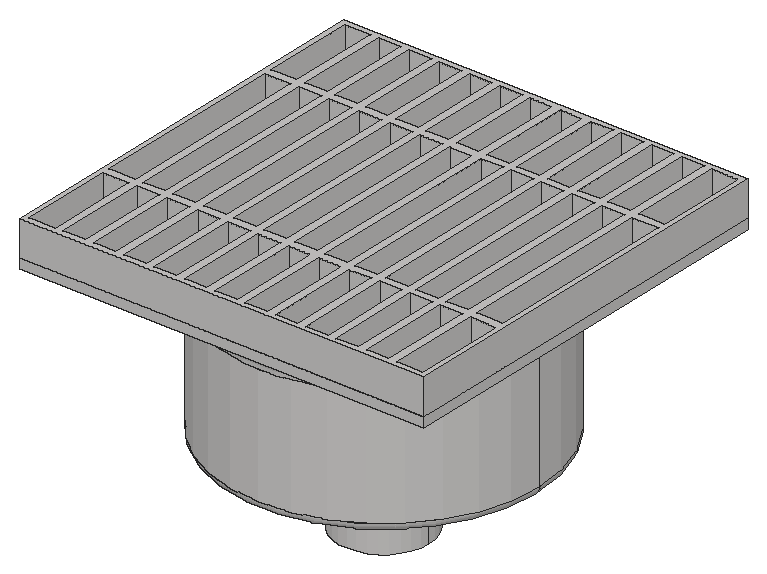
Revit family
Parameters (values of type "9620-SBG-2"")
  Width = 10"
  Waste Connection Radius = 1"
  Waste Connection Diameter = Waste Connection Radius * 2  # 2"
  Waste Connection = yes
  Vent Connection = no
  URL = "www.jrsmith.com"
  Price = "Prices may vary. Please consult Manufacturer Representative for most up-to-date price list."  # constant formula
  Phone Number = "416-250-5656"  # constant formula
  Omniclass Table 23 Title = "Waste Water Drains"  # constant formula
  Omniclass Table 23 Code = "23.70.50.21.24"  # constant formula
  Model = "9620-SBG-2\""
  Material = Metal-Jay R Smith-Stainless Steel
  Masterformat Title = "Sanitary Drains"  # constant formula
  Masterformat Number = "22 13 19.13"  # constant formula
  Manufacturer = "Jay R. Smith"
  Length = Width  # 10"
  Height = 7 1/4"
  HW Connection = no
  Description = "10\" Square topped general purpose drain with bar grating."
  Default Elevation = 0"
  Creation Date = "27/10/2014"  # constant formula
  Created By = "Allied Technical Services"  # constant formula
  CW Connection = no
  Assembly Code = "D2030300"
  ATS URL = "http://www.atsspec.net"
Types (7): name | Waste Connection Radius | Waste Connection Diameter | Model | Height
  (no name) | 1" | 2" | "9620-SBG-2\"" | 7 1/4"
  9620-SBG-2" | 1" | 2" | "9620-SBG-2\"" | 7 1/4"
  9620-SBG-3" | 1 1/2" | 3" | "9620-SBG-3\"" | 7 1/4"
  9620-SBG-4" | 2" | 4" | "9620-SBG-4\"" | 7 1/4"
  9621-SBG-2" | 1" | 2" | "9621-SBG-2\"" | 9 1/4"
  9621-SBG-3" | 1 1/2" | 3" | "9621-SBG-3\"" | 9 1/4"
  9621-SBG-4" | 2" | 4" | "9621-SBG-4\"" | 9 1/4"
Reference planes (in)
  plane 1 "Center (Front/Back)": y = 0
  plane 2: z = 0
  plane 3 "Center (Left/Right)": x = 0
  plane 4: x = -5
  plane 5: x = 5
  plane 6: z = 7.25
  plane 7: z = 2
  plane 8: x = -1
  plane 9: x = 1
  plane 10: z = 6.375
  plane 11: z = 6.125
Forms (in)
  Revolve 1, solid, material "Metal-Jay R Smith-Stainless Steel" <- "Material"
    sketch origin (0, 0, 0) x (1, 0, 0) y (0, 0, 1)
      loop
        line (-3.85146, 5.15452) -> (-3.85146, 2.21875)
        arc (-3.85146, 2.21875) -> (-3.78739, 2.06407) -> (-3.63271, 2) r 0.21875
        line (-3.63271, 2) -> (-1.125, 2) -> (-1.125, 0) -> (-1, 0) -> (-1, 6.125) -> (-4.26404, 6.125) -> (-4.26404, 5.72258)
        arc (-4.26404, 5.72258) -> (-4.22877, 5.614) -> (-4.13643, 5.54687) r 0.18476
        arc (-4.13643, 5.54687) -> (-3.93022, 5.39698) -> (-3.85146, 5.15452) r 0.41258
      axis (0, 0) -> (0, 6.125)
    angle from 0 to 360
  Extrusion 2, solid, material "Metal-Jay R Smith-Stainless Steel" <- "Material"
    sketch origin (-43.90802, -54.52824, 0) x (1, 0, 0) y (0, 1, 0)
      loop
        line (38.90802, 59.52824) -> (38.90802, 49.52824) -> (48.90802, 49.52824) -> (48.90802, 59.52824) -> (38.90802, 59.52824)
    from 6.125 to 6.375
  Extrusion 3, solid, material "Metal-Jay R Smith-Stainless Steel" <- "Material"
    sketch origin (-43.90802, -54.52824, 0) x (1, 0, 0) y (0, 1, 0)
      loop
        line (38.90802, 59.52824) -> (38.90802, 49.52824) -> (48.90802, 49.52824) -> (48.90802, 59.52824) -> (38.90802, 59.52824)
      loop
        line (39.03302, 59.40182) -> (39.03302, 57.12224) -> (39.68902, 57.12224) -> (39.68902, 59.40182) -> (39.03302, 59.40182)
      loop
        line (39.87702, 59.40182) -> (39.87702, 57.12224) -> (40.43902, 57.12224) -> (40.43902, 59.40182) -> (39.87702, 59.40182)
      loop
        line (40.62702, 59.40182) -> (40.62702, 57.12224) -> (41.18902, 57.12224) -> (41.18902, 59.40182) -> (40.62702, 59.40182)
      loop
        line (41.37702, 59.40182) -> (41.37702, 57.12224) -> (41.93902, 57.12224) -> (41.93902, 59.40182) -> (41.37702, 59.40182)
      loop
        line (42.12702, 59.40182) -> (42.12702, 57.12224) -> (42.68902, 57.12224) -> (42.68902, 59.40182) -> (42.12702, 59.40182)
      loop
        line (42.87702, 59.40182) -> (42.87702, 57.12224) -> (43.43902, 57.12224) -> (43.43902, 59.40182) -> (42.87702, 59.40182)
      loop
        line (43.62702, 59.40182) -> (43.62702, 57.12224) -> (44.18902, 57.12224) -> (44.18902, 59.40182) -> (43.62702, 59.40182)
      loop
        line (44.37702, 59.40182) -> (44.37702, 57.12224) -> (44.93902, 57.12224) -> (44.93902, 59.40182) -> (44.37702, 59.40182)
      loop
        line (45.12702, 59.40182) -> (45.12702, 57.12224) -> (45.68902, 57.12224) -> (45.68902, 59.40182) -> (45.12702, 59.40182)
      loop
        line (45.87702, 59.40182) -> (45.87702, 57.12224) -> (46.43902, 57.12224) -> (46.43902, 59.40182) -> (45.87702, 59.40182)
      loop
        line (46.62702, 59.40182) -> (46.62702, 57.12224) -> (47.18902, 57.12224) -> (47.18902, 59.40182) -> (46.62702, 59.40182)
      loop
        line (47.37702, 59.40182) -> (47.37702, 57.12224) -> (47.93902, 57.12224) -> (47.93902, 59.40182) -> (47.37702, 59.40182)
      loop
        line (48.12702, 59.40182) -> (48.12702, 57.12224) -> (48.78302, 57.12224) -> (48.78302, 59.40182) -> (48.12702, 59.40182)
      loop
        line (39.03302, 51.93424) -> (39.03302, 49.65465) -> (39.68902, 49.65465) -> (39.68902, 51.93424) -> (39.03302, 51.93424)
      loop
        line (39.87702, 51.93424) -> (39.87702, 49.65465) -> (40.43902, 49.65465) -> (40.43902, 51.93424) -> (39.87702, 51.93424)
      loop
        line (40.62702, 51.93424) -> (40.62702, 49.65465) -> (41.18902, 49.65465) -> (41.18902, 51.93424) -> (40.62702, 51.93424)
      loop
        line (41.37702, 51.93424) -> (41.37702, 49.65465) -> (41.93902, 49.65465) -> (41.93902, 51.93424) -> (41.37702, 51.93424)
      loop
        line (42.12702, 51.93424) -> (42.12702, 49.65465) -> (42.68902, 49.65465) -> (42.68902, 51.93424) -> (42.12702, 51.93424)
      loop
        line (42.87702, 51.93424) -> (42.87702, 49.65465) -> (43.43902, 49.65465) -> (43.43902, 51.93424) -> (42.87702, 51.93424)
      loop
        line (43.62702, 51.93424) -> (43.62702, 49.65465) -> (44.18902, 49.65465) -> (44.18902, 51.93424) -> (43.62702, 51.93424)
      loop
        line (44.37702, 51.93424) -> (44.37702, 49.65465) -> (44.93902, 49.65465) -> (44.93902, 51.93424) -> (44.37702, 51.93424)
      loop
        line (45.12702, 51.93424) -> (45.12702, 49.65465) -> (45.68902, 49.65465) -> (45.68902, 51.93424) -> (45.12702, 51.93424)
      loop
        line (45.87702, 51.93424) -> (45.87702, 49.65465) -> (46.43902, 49.65465) -> (46.43902, 51.93424) -> (45.87702, 51.93424)
      loop
        line (46.62702, 51.93424) -> (46.62702, 49.65465) -> (47.18902, 49.65465) -> (47.18902, 51.93424) -> (46.62702, 51.93424)
      loop
        line (47.37702, 51.93424) -> (47.37702, 49.65465) -> (47.93902, 49.65465) -> (47.93902, 51.93424) -> (47.37702, 51.93424)
      loop
        line (48.12702, 51.93424) -> (48.12702, 49.65465) -> (48.78302, 49.65465) -> (48.78302, 51.93424) -> (48.12702, 51.93424)
      loop
        line (39.03302, 56.93424) -> (39.03302, 52.12224) -> (39.68902, 52.12224) -> (39.68902, 56.93424) -> (39.03302, 56.93424)
      loop
        line (39.87702, 56.93424) -> (39.87702, 52.12224) -> (40.43902, 52.12224) -> (40.43902, 56.93424) -> (39.87702, 56.93424)
      loop
        line (40.62702, 56.93424) -> (40.62702, 52.12224) -> (41.18902, 52.12224) -> (41.18902, 56.93424) -> (40.62702, 56.93424)
      loop
        line (41.37702, 56.93424) -> (41.37702, 52.12224) -> (41.93902, 52.12224) -> (41.93902, 56.93424) -> (41.37702, 56.93424)
      loop
        line (42.12702, 56.93424) -> (42.12702, 52.12224) -> (42.68902, 52.12224) -> (42.68902, 56.93424) -> (42.12702, 56.93424)
      loop
        line (42.87702, 56.93424) -> (42.87702, 52.12224) -> (43.43902, 52.12224) -> (43.43902, 56.93424) -> (42.87702, 56.93424)
      loop
        line (43.62702, 56.93424) -> (43.62702, 52.12224) -> (44.18902, 52.12224) -> (44.18902, 56.93424) -> (43.62702, 56.93424)
      loop
        line (44.37702, 56.93424) -> (44.37702, 52.12224) -> (44.93902, 52.12224) -> (44.93902, 56.93424) -> (44.37702, 56.93424)
      loop
        line (45.12702, 56.93424) -> (45.12702, 52.12224) -> (45.68902, 52.12224) -> (45.68902, 56.93424) -> (45.12702, 56.93424)
      loop
        line (45.87702, 56.93424) -> (45.87702, 52.12224) -> (46.43902, 52.12224) -> (46.43902, 56.93424) -> (45.87702, 56.93424)
      loop
        line (46.62702, 56.93424) -> (46.62702, 52.12224) -> (47.18902, 52.12224) -> (47.18902, 56.93424) -> (46.62702, 56.93424)
      loop
        line (47.37702, 56.93424) -> (47.37702, 52.12224) -> (47.93902, 52.12224) -> (47.93902, 56.93424) -> (47.37702, 56.93424)
      loop
        line (48.12702, 56.93424) -> (48.12702, 52.12224) -> (48.78302, 52.12224) -> (48.78302, 56.93424) -> (48.12702, 56.93424)
    from 6.375 to 7.25
Cuts and joins
  joined: Revolve 1, Extrusion 2
Dimensions and locks (in)
  "Height": plane 6 to plane 2
  "Waste Connection Diameter": plane 9 to plane 8
  "Width": plane 5 to plane 4
  plane 7 to level = 2"
  equal spacing: plane 9, plane 3 "Center (Left/Right)", plane 8
  equal spacing: plane 5, plane 3 "Center (Left/Right)", plane 4
  locked: plane 8 to Revolve 1 sketch curve at 0.125
  locked: plane 10 to plane 11 at 0.25
  locked: plane 6 to plane 10 at 0.875
  plane 6 to plane 7 = 5 1/4"
  aligned and locked: plane 8 to Revolve 1 sketch curve
  aligned and locked: Extrusion 2 to Revolve 1
  aligned and locked: Extrusion 2 to plane 10
  aligned and locked: plane 11 to Revolve 1 sketch curve
  aligned and locked: plane 10 to Extrusion 3
  aligned and locked: plane 6 to Extrusion 3
Automatic sketch dimensions
  Revolve 1 sketch curve to plane 7 = 0"
  Revolve 1 sketch curve to plane 3 "Center (Left/Right)" = 0"
  Revolve 1 sketch curve to level = 0"
  plane 4 to Revolve 1 sketch curve = 1.36729"
  plane 4 to Revolve 1 sketch curve = 1.14854"
  Revolve 1 sketch curve to Revolve 1 sketch curve = 0.22782"
  Revolve 1 sketch curve to Revolve 1 sketch curve = 0.05715"
  Revolve 1 sketch curve to Revolve 1 sketch curve = 0"
  Revolve 1 sketch curve to Revolve 1 sketch curve = 0.18476"
  Revolve 1 sketch curve to level = 1 3/4"
  Revolve 1 sketch curve to Revolve 1 sketch curve = 3/4"
  plane 11 to Revolve 1 sketch curve = 0.97048"
  Extrusion 2 sketch curve to plane 4 = 0"
  Extrusion 2 sketch curve to plane 5 = 0"
  plane 1 "Center (Front/Back)" to Extrusion 2 sketch curve = 5"
  Extrusion 2 sketch curve to plane 1 "Center (Front/Back)" = 5"
  plane 5 to Extrusion 3 sketch curve = 10"
  Extrusion 3 sketch curve to Extrusion 3 sketch curve = 1/8"  (x4)
  Extrusion 3 sketch curve to Extrusion 3 sketch curve = 0.656"  (x4)
  Extrusion 3 sketch curve to Extrusion 3 sketch curve = 0"  (x71)
  Extrusion 3 sketch curve to Extrusion 3 sketch curve = 0.188"  (x50)
  Extrusion 3 sketch curve to Extrusion 3 sketch curve = 0.562"  (x21)
  plane 1 "Center (Front/Back)" to Extrusion 3 sketch curve = 5"
  Extrusion 3 sketch curve to Extrusion 3 sketch curve = 0.12641"  (x3)
  Extrusion 3 sketch curve to Extrusion 3 sketch curve = 2.27959"  (x3)
  Extrusion 3 sketch curve to Extrusion 3 sketch curve = 4.812"  (x2)
Connectors (in)
  piping at (0, 0, 0), driven by "Waste Connection Radius"
    settings: on cut or joined group of Revolve 1, Extrusion 2, index 1
